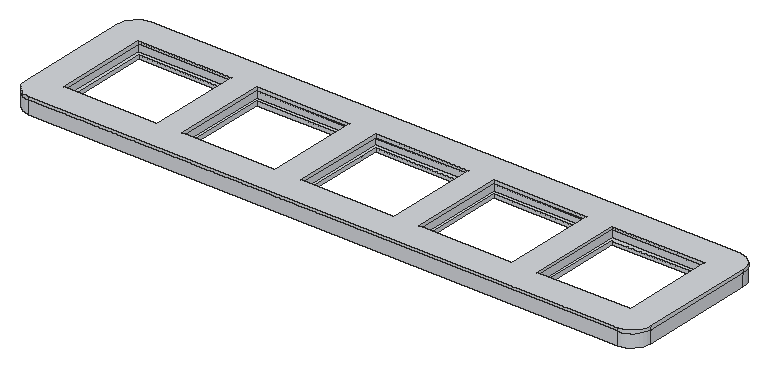
Revit family "Gira_0215417", category Electrical Fixtures, host Face, Revit 2017
Family settings
  Host = Face
  Maintain Annotation Orientation = No
  Round Connector Dimension = Use Diameter
  Part Type = Normal
  Cut with Voids When Loaded = No
  Shared = No
  Room Calculation Point = No
Parameters (values of type "Cov.fr. 5-g Gira E3 sand/p.white")
  URL = "http://katalog.gira.de/en/datenblatt.html?artikelnr=0215417"
  Transparent = "No"
  Name = "Cov.fr. 5-g Gira E3 sand/p.white"
  Manufacturer URL = "https://www.gira.de/"
  Manufacturer = "Gira"
  Keynote = ""
  HeinzeBIM = "https://bimportal.heinze.de/bim/cov-fr-5-g-gira-e3-sand-p-white/96749b58af858b10e04ed3b5094f8f10189157b7"
  HAN = "0215417"
  GTIN = "4010337024552"
  Description = "Cov.fr.5g E3 SdPw,Gira E3 cover frame,sand soft touch with pure white glossy intermediate frame,5-gang,Features:,- Shatter-proof.,,Notes :,- Soft-touch surface,- NCS value: approx. NCS S 2005-Y20R"
  Default Elevation = 1219.2 mm
  Data sheet (1) = "https://katalog.gira.de/en/download.html?artikelnr=0215417"
  Category = "Cover frame for domestic switching devices"
  BIM (1) = "https://media.stage.bim.site/public/gira/36a6b08/E3_Rahmen_5fach.rfa"
  Available = "No"
Reference planes
  plane 1 "Center (Front/Back)": y = 0
  plane 2: z = 0
  plane 3 "Center (Left/Right)": x = 0
Forms (mm)
  Extrusion 1, solid, detail levels fine
    sketch origin (0, 0, 0) x (1, 0, 0) y (0, 1, 0)
      loop
        arc (-177.4, 45.809) -> (-185.185, 42.585) -> (-188.409, 34.8) r 11.009
        line (-188.409, 34.8) -> (-188.409, -34.8)
        arc (-188.409, -34.8) -> (-185.185, -42.585) -> (-177.4, -45.809) r 11.009
        line (-177.4, -45.809) -> (177.4, -45.809)
        arc (177.4, -45.809) -> (185.185, -42.585) -> (188.409, -34.8) r 11.009
        line (188.409, -34.8) -> (188.409, 34.8)
        arc (188.409, 34.8) -> (185.185, 42.585) -> (177.4, 45.809) r 11.009
        line (177.4, 45.809) -> (-177.4, 45.809)
      loop
        line (-114.5, 28.187) -> (-170.756, 28.187) -> (-170.756, -28.187) -> (-114.5, -28.187) -> (-114.5, 28.187)
      loop
        line (-99.6, 28.187) -> (-99.6, -28.187) -> (-43.344, -28.187) -> (-43.344, 28.187) -> (-99.6, 28.187)
      loop
        line (114.5, 28.187) -> (114.5, -28.187) -> (170.756, -28.187) -> (170.756, 28.187) -> (114.5, 28.187)
      loop
        line (28.301, 28.187) -> (-27.955, 28.187) -> (-27.955, -28.187) -> (28.301, -28.187) -> (28.301, 28.187)
      loop
        line (43.143, 28.187) -> (43.143, -28.187) -> (99.399, -28.187) -> (99.399, 28.187) -> (43.143, 28.187)
    from 7.65 to 9.5
  Extrusion 2, solid, detail levels fine
    sketch origin (-142.8, 0, 0) x (1, 0, 0) y (0, 1, 0)
      loop
        line (26.1, 25.7) -> (-25.7, 25.7) -> (-25.7, -25.7) -> (26.1, -25.7) -> (26.1, 25.7)
      loop
        line (-28.187, -28.156) -> (28.187, -28.156) -> (28.187, 28.156) -> (-28.187, 28.156) -> (-28.187, -28.156)
    from 1.65 to 3.9
  Extrusion 3, solid, detail levels fine
    sketch origin (0, 0, 0) x (1, 0, 0) y (0, 1, 0)
      loop
        arc (-177.4, 45.809) -> (-185.185, 42.585) -> (-188.409, 34.8) r 11.009
        line (-188.409, 34.8) -> (-188.409, -34.8)
        arc (-188.409, -34.8) -> (-185.185, -42.585) -> (-177.4, -45.809) r 11.009
        line (-177.4, -45.809) -> (177.4, -45.809)
        arc (177.4, -45.809) -> (185.185, -42.585) -> (188.409, -34.8) r 11.009
        line (188.409, -34.8) -> (188.409, 34.8)
        arc (188.409, 34.8) -> (185.185, 42.585) -> (177.4, 45.809) r 11.009
        line (177.4, 45.809) -> (-177.4, 45.809)
      loop
        line (-186.443, 34.785) -> (-186.443, -34.785)
        arc (-186.443, -34.785) -> (-183.79, -41.19) -> (-177.385, -43.843) r 9.058
        line (-177.385, -43.843) -> (177.385, -43.843)
        arc (177.385, -43.843) -> (183.79, -41.19) -> (186.443, -34.785) r 9.058
        line (186.443, -34.785) -> (186.443, 34.785)
        arc (186.443, 34.785) -> (183.79, 41.19) -> (177.385, 43.843) r 9.058
        line (177.385, 43.843) -> (-177.385, 43.843)
        arc (-177.385, 43.843) -> (-183.79, 41.19) -> (-186.443, 34.785) r 9.058
    from 0 to 7.65
  Extrusion 4, solid, detail levels fine
    sketch origin (-35.75, 0, 0) x (1, 0, 0) y (0, 1, 0)
      loop
        line (-134.256, -31.075) -> (205.755, -31.075)
        arc (205.755, -31.075) -> (208.399, -29.98) -> (209.494, -27.337) r 3.739
        line (209.494, -27.337) -> (209.494, 27.337)
        arc (209.494, 27.337) -> (208.399, 29.98) -> (205.755, 31.075) r 3.739
        line (205.755, 31.075) -> (-134.256, 31.075)
        arc (-134.256, 31.075) -> (-136.899, 29.98) -> (-137.994, 27.337) r 3.739
        line (-137.994, 27.337) -> (-137.994, -27.337)
        arc (-137.994, -27.337) -> (-136.899, -29.98) -> (-134.256, -31.075) r 3.739
      loop
        line (-136.844, 27.537) -> (-136.844, -27.537)
        arc (-136.844, -27.537) -> (-136.145, -29.226) -> (-134.456, -29.925) r 2.389
        line (-134.456, -29.925) -> (205.955, -29.925)
        arc (205.955, -29.925) -> (207.644, -29.226) -> (208.344, -27.537) r 2.389
        line (208.344, -27.537) -> (208.344, 27.537)
        arc (208.344, 27.537) -> (207.644, 29.226) -> (205.955, 29.925) r 2.389
        line (205.955, 29.925) -> (-134.456, 29.925)
        arc (-134.456, 29.925) -> (-136.145, 29.226) -> (-136.844, 27.537) r 2.389
    from 1.65 to 7.65
  Extrusion 5, solid, detail levels fine
    sketch origin (0, 0, 0) x (1, 0, 0) y (0, 1, 0)
      loop
        line (-174.653, -39.8) -> (174.653, -39.8)
        arc (174.653, -39.8) -> (180.267, -36.708) -> (182.5, -30.7) r 9.2
        line (182.5, -30.7) -> (182.5, 30.7)
        arc (182.5, 30.7) -> (179.805, 37.205) -> (173.3, 39.9) r 9.2
        line (173.3, 39.9) -> (-173.3, 39.9)
        arc (-173.3, 39.9) -> (-179.805, 37.205) -> (-182.5, 30.7) r 9.2
        line (-182.5, 30.7) -> (-182.5, -30.7)
        arc (-182.5, -30.7) -> (-180.267, -36.708) -> (-174.653, -39.8) r 9.2
      loop
        line (-173.3, -31.7) -> (173.3, -31.7)
        arc (173.3, -31.7) -> (174.007, -31.407) -> (174.3, -30.7) r 1
        line (174.3, -30.7) -> (174.3, 30.7)
        arc (174.3, 30.7) -> (174.007, 31.407) -> (173.3, 31.7) r 1
        line (173.3, 31.7) -> (-173.3, 31.7)
        arc (-173.3, 31.7) -> (-174.007, 31.407) -> (-174.3, 30.7) r 1
        line (-174.3, 30.7) -> (-174.3, -30.7)
        arc (-174.3, -30.7) -> (-174.007, -31.407) -> (-173.3, -31.7) r 1
    from 1.65 to 3.9
  Extrusion 6, solid, detail levels fine
    sketch origin (-142.8, 0, 0) x (1, 0, 0) y (0, 1, 0)
      loop
        line (-28.187, 28.156) -> (-28.187, -28.156) -> (28.187, -28.156) -> (28.187, 28.156) -> (-28.187, 28.156)
      loop
        line (-29.925, 29.925) -> (-29.925, -29.925) -> (29.925, -29.925) -> (29.925, 29.925) -> (-29.925, 29.925)
    from 1.65 to 7.65
  Extrusion 7, solid, detail levels coarse+medium
    sketch origin (0, 0, 0) x (1, 0, 0) y (0, 1, 0)
      loop
        line (-188.409, 45.809) -> (-188.409, -45.809) -> (188.409, -45.809) -> (188.409, 45.809) -> (-188.409, 45.809)
    from 0 to 9.5
  Extrusion 8, solid, detail levels fine
    sketch origin (-71.3, 0, 0) x (-1, 0, 0) y (0, -1, 0)
      loop
        line (25.9, -25.7) -> (25.9, 25.7) -> (-25.9, 25.7) -> (-25.9, -25.7) -> (25.9, -25.7)
      loop
        line (-28.187, 28.156) -> (-28.187, -28.156) -> (28.187, -28.156) -> (28.187, 28.156) -> (-28.187, 28.156)
    from 1.65 to 3.9
  Extrusion 9, solid, detail levels fine
    sketch origin (-71.3, 0, 0) x (-1, 0, 0) y (0, -1, 0)
      loop
        line (-28.187, -28.156) -> (28.187, -28.156) -> (28.187, 28.156) -> (-28.187, 28.156) -> (-28.187, -28.156)
      loop
        line (-29.925, -29.925) -> (29.925, -29.925) -> (29.925, 29.925) -> (-29.925, 29.925) -> (-29.925, -29.925)
    from 1.65 to 7.65
  Extrusion 10, solid, detail levels fine
    sketch origin (0.2, 0, 0) x (-1, 0, 0) y (0, -1, 0)
      loop
        line (26.1, -25.7) -> (26.1, 25.7) -> (-25.7, 25.7) -> (-25.7, -25.7) -> (26.1, -25.7)
      loop
        line (-28.187, 28.156) -> (-28.187, -28.156) -> (28.187, -28.156) -> (28.187, 28.156) -> (-28.187, 28.156)
    from 1.65 to 3.9
  Extrusion 11, solid, detail levels fine
    sketch origin (0.2, 0, 0) x (-1, 0, 0) y (0, -1, 0)
      loop
        line (-28.187, -28.156) -> (28.187, -28.156) -> (28.187, 28.156) -> (-28.187, 28.156) -> (-28.187, -28.156)
      loop
        line (-29.925, -29.925) -> (29.925, -29.925) -> (29.925, 29.925) -> (-29.925, 29.925) -> (-29.925, -29.925)
    from 1.65 to 7.65
  Extrusion 12, solid, detail levels fine
    sketch origin (71.5, 0, 0) x (-1, 0, 0) y (0, -1, 0)
      loop
        line (26.1, -25.7) -> (26.1, 25.7) -> (-25.7, 25.7) -> (-25.7, -25.7) -> (26.1, -25.7)
      loop
        line (-28.187, 28.156) -> (-28.187, -28.156) -> (28.187, -28.156) -> (28.187, 28.156) -> (-28.187, 28.156)
    from 1.65 to 3.9
  Extrusion 13, solid, detail levels fine
    sketch origin (71.5, 0, 0) x (-1, 0, 0) y (0, -1, 0)
      loop
        line (-28.187, -28.156) -> (28.187, -28.156) -> (28.187, 28.156) -> (-28.187, 28.156) -> (-28.187, -28.156)
      loop
        line (-29.925, -29.925) -> (29.925, -29.925) -> (29.925, 29.925) -> (-29.925, 29.925) -> (-29.925, -29.925)
    from 1.65 to 7.65
  Extrusion 14, solid, detail levels fine
    sketch origin (142.8, 0, 0) x (-1, 0, 0) y (0, -1, 0)
      loop
        line (26.1, -25.7) -> (26.1, 25.7) -> (-25.7, 25.7) -> (-25.7, -25.7) -> (26.1, -25.7)
      loop
        line (-28.187, 28.156) -> (-28.187, -28.156) -> (28.187, -28.156) -> (28.187, 28.156) -> (-28.187, 28.156)
    from 1.65 to 3.9
  Extrusion 15, solid, detail levels fine
    sketch origin (142.8, 0, 0) x (-1, 0, 0) y (0, -1, 0)
      loop
        line (-28.187, -28.156) -> (28.187, -28.156) -> (28.187, 28.156) -> (-28.187, 28.156) -> (-28.187, -28.156)
      loop
        line (-29.925, -29.925) -> (29.925, -29.925) -> (29.925, 29.925) -> (-29.925, 29.925) -> (-29.925, -29.925)
    from 1.65 to 7.65
Dimensions and locks
  aligned and locked: plane 2 to host face
  aligned and locked: level to host face
